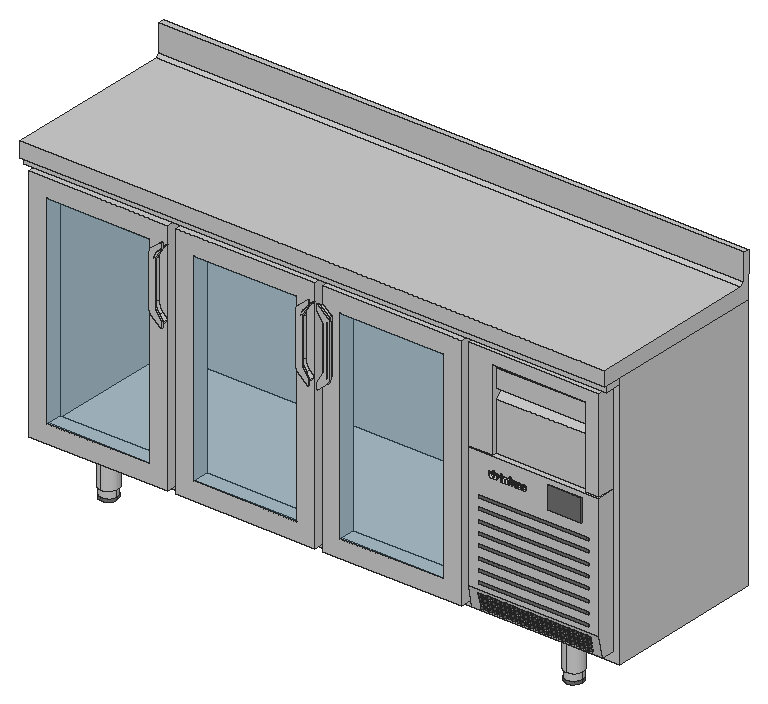
Revit family "QF_INFRICO_FMPP2000CR_250812104341", category Specialty Equipment, Revit 2021
Family settings
  Round Connector Dimension = Use Diameter
  Part Type = Normal
  OmniClass Number = 23.40.40.14
  OmniClass Title = Food Service Equipment
  Work Plane-Based = No
  Always vertical = Yes
  Cut with Voids When Loaded = No
  Shared = No
  Room Calculation Point = No
Parameters (values of type "FMPP2000CR-R290")
  Weight [instance] = 186.00 kg
  Waste Water Discharge Temperature [instance] = 0 °C
  Waste Remarks [instance] = ""
  Warranty Start Date [instance] = ""
  Warranty Duration [instance] = ""
  Volts [instance] = 230 V
  Volt Free Conn [instance] = no
  URL Recommended Spares List [instance] = ""
  URL Manufacturer [instance] = ""
  URL Cutsheet [instance] = ""
  URL Critical Spares List [instance] = ""
  URL = "www.infrico.com"
  Technical Documentation [instance] = ""
  Tag Number [instance] = ""
  Status [instance] = ""
  Start Up Current [instance] = 0 A
  Specification by User [instance] = ""
  Specification by Manufacturer [instance] = ""
  Sound Level [instance] = ""
  Show Logo [instance] = yes
  Show Clearances [instance] = yes
  Service Life Duration [instance] = ""
  Serial Number [instance] = ""
  Seismic Rating [instance] = ""
  SMACNA No [instance] = ""
  Revision Code [instance] = ""
  Revision [instance] = ""
  Production Year [instance] = ""
  Potential Equalisation [instance] = no
  Point Load [instance] = 0
  Plumbing Connection Type [instance] = ""
  Phase [instance] = 1
  Other Equipment Approvals [instance] = ""
  Operational Current [instance] = 0 A
  Number of Poles [instance] = 2
  No Load Power Draw [instance] = no
  NAFEM Spec ID Number [instance] = ""
  Model Warning [instance] = ""
  Model = "FMPP2000CR"
  Min Ckt Ampacity [instance] = 0 A
  Max Overcurrent Protection [instance] = 0 A
  Masterspec [instance] = ""
  Manufacturer = "INFRICO"
  Main switch integrated [instance] = no
  Length Actual [instance] = 1960.118 mm
  Item Number [instance] = ""
  Installed By [instance] = ""
  Installation Date [instance] = ""
  Indirect Waste Size [instance] = 19.05 mm
  Indirect Waste Remarks [instance] = ""
  Indirect Waste Flow [instance] = 0.0 L/s
  Indirect Waste Connection Type [instance] = ""
  Indirect Waste Connection Height [instance] = 0 mm
  Identify Quantity as Lot [instance] = no
  ID [instance] = ""
  Hygiene Approval [instance] = ""
  Height Actual [instance] = 1050.036 mm
  HP power [instance] = ""
  Furnished By [instance] = ""
  Foodservice Equipment Identifier [instance] = no
  FL Amps [instance] = 0 A
  Electrical Remarks [instance] = ""
  Electric power [instance] = 450 W
  Electric Connection Type [instance] = ""
  Elec Conn RI Height [instance] = 0 mm
  Elec Conn Connection Height [instance] = 0 mm
  ETL Approved [instance] = no
  Direct Waste Water Discharge Temperature [instance] = -273.15 °C
  Direct Waste Size [instance] = 19.05 mm
  Direct Waste RI Height [instance] = 0 mm
  Direct Waste Flow [instance] = 0.0 L/s
  Direct Waste Connection Height [instance] = 0 mm
  Description = "BACK BAR COUNTER REFRIGERATOR - R290"
  Depth Actual [instance] = 599.948 mm
  Default Elevation = 0 mm
  Cycle [instance] = 50 Hz
  Cost = 0
  Connection to energy optimisation system [instance] = yes
  Conn Plug [instance] = ""
  Conn Conduit [instance] = no
  Centralized building control system with digital interface [instance] = ""
  CSI MasterFormat [instance] = ""
  CE Approved [instance] = no
  Barcode [instance] = 0
  Author [instance] = ""
  Asset Identifier [instance] = ""
  Apparent Power [instance] = 450 VA
  Accessory [instance] = no
Reference planes
  plane 1 "Center (Front/Back)": y = 0
  plane 2: z = 0
  plane 3 "Center (Left/Right)": x = 0
Forms (mm)
  Extrusion 1, solid, not visible
    sketch origin (541.026, -113.006, 142.007) x (1, 0, 0) y (0, 1, 0)
      loop
        line (-2, 2) -> (-2, -2) -> (2, -2) -> (2, 2) -> (-2, 2)
    from -2 to 2
  Extrusion 2, solid, not visible
    sketch origin (1407.069, -63.003, 140.007) x (1, 0, 0) y (0, 1, 0)
      loop
        line (-2, 2) -> (-2, -2) -> (2, -2) -> (2, 2) -> (-2, 2)
    from -2 to 2
Dimensions and locks
  locked: nested 2 to Extrusion 1 at 2  (x2)
  locked: Extrusion 2 to nested 3
  locked: nested 3 to Extrusion 2 at 2
  aligned and locked: level to plane 2
Nested families
  nested 1: "QF_INFRICO_FMPP2000CR_2920" at (0, 0, 140), type "FMPP2000CR-R290"
    with Weight 186.00 kg, Warranty Start Date "", Warranty Duration "", URL Cutsheet "", Technical Documentation "", Tag Number "", Status "", Specification by User "", Specification by Manufacturer "", Sound Level "", Solid Fuel Type "", Show Logo yes, Show Clearances yes, Show Clearance yes, Service Life Duration "", Serial Number "", Seismic Rating "", SMACNA No "", Revision Code "", Revision "", Production Year "", Point Load 0, Other Equipment Approvals "", NAFEM Spec ID Number "", Model Warning "", Masterspec "", Length Actual 1960.118 mm, Item Number "", Installed By "", Installation Date "", Identify Quantity as Lot yes, ID "", Hygiene Approval "", Height Actual 1050.036 mm, Furnished By "", Foodservice Equipment Identifier yes, ETL Approved yes, Depth Actual 599.948 mm, CSI MasterFormat "", CE Approved no, Barcode "", Author "", Asset Identifier "", Accessory no
  nested 2: "CONN_POINT_DRAIN_2D___Generic_Annotation" at (541.026, -113.006, 140.007), type "CONN_POINT_DRAIN_2D___Generic_Annotation"
    with Onboard connection annotation symbol visibility yes
  nested 3: "CONN_POINT_ELE_2D___Generic_Annotation" at (1407.069, -61.003, 140.007), type "CONN_POINT_ELE_2D___Generic_Annotation"
    with Onboard connection annotation symbol visibility yes
  nested 4: "QF_INFRICO_FMPPCR_DOOR_SX_4880" at (22, -538, 168), type "FMPPCR_DOOR_SX"
    with Weight 0.00 kg, Warranty Start Date "", Warranty Duration "", URL Cutsheet "", Technical Documentation "", Tag Number "", Status "", Specification by User "", Specification by Manufacturer "", Sound Level "", Solid Fuel Type "", Show Logo yes, Show Clearances yes, Show Clearance yes, Service Life Duration "", Serial Number "", Seismic Rating "", SMACNA No "", Revision Code "", Revision "", Production Year "", Point Load 0, Other Equipment Approvals "", NAFEM Spec ID Number "", Model Warning "", Masterspec "", Length Actual 467.106 mm, Item Number "", Installed By "", Installation Date "", Identify Quantity as Lot yes, ID "", Hygiene Approval "", Height Actual 596.9 mm, Furnished By "", Foodservice Equipment Identifier yes, ETL Approved yes, Depth Actual 54.102 mm, CSI MasterFormat "", CE Approved no, Barcode "", Author "", Asset Identifier "", Accessory yes
  nested 5: "QF_INFRICO_FMPPCR_DOOR_SX_5692" at (514, -538, 168), type "FMPPCR_DOOR_SX"
    with Weight 0.00 kg, Warranty Start Date "", Warranty Duration "", URL Cutsheet "", Technical Documentation "", Tag Number "", Status "", Specification by User "", Specification by Manufacturer "", Sound Level "", Solid Fuel Type "", Show Logo yes, Show Clearances yes, Show Clearance yes, Service Life Duration "", Serial Number "", Seismic Rating "", SMACNA No "", Revision Code "", Revision "", Production Year "", Point Load 0, Other Equipment Approvals "", NAFEM Spec ID Number "", Model Warning "", Masterspec "", Length Actual 467.106 mm, Item Number "", Installed By "", Installation Date "", Identify Quantity as Lot yes, ID "", Hygiene Approval "", Height Actual 596.9 mm, Furnished By "", Foodservice Equipment Identifier yes, ETL Approved yes, Depth Actual 54.102 mm, CSI MasterFormat "", CE Approved no, Barcode "", Author "", Asset Identifier "", Accessory yes
  nested 6: "QF_INFRICO_FMPPCR_DOOR_DX_6500" at (1006, -538, 168), type "FMPPCR_DOOR_DX"
    with Weight 0.00 kg, Warranty Start Date "", Warranty Duration "", URL Cutsheet "", Technical Documentation "", Tag Number "", Status "", Specification by User "", Specification by Manufacturer "", Sound Level "", Solid Fuel Type "", Show Logo yes, Show Clearances yes, Show Clearance yes, Service Life Duration "", Serial Number "", Seismic Rating "", SMACNA No "", Revision Code "", Revision "", Production Year "", Point Load 0, Other Equipment Approvals "", NAFEM Spec ID Number "", Model Warning "", Masterspec "", Length Actual 467.106 mm, Item Number "", Installed By "", Installation Date "", Identify Quantity as Lot yes, ID "", Hygiene Approval "", Height Actual 596.9 mm, Furnished By "", Foodservice Equipment Identifier yes, ETL Approved yes, Depth Actual 54.102 mm, CSI MasterFormat "", CE Approved no, Barcode "", Author "", Asset Identifier "", Accessory yes
  nested 7: "QF_INFRICO_WORKTOP_BACKSPLASH_7308" at (0, 0, 1000), type "ENC12CPBM20"
    with Weight 0.00 kg, Warranty Start Date "", Warranty Duration "", URL Cutsheet "", Technical Documentation "", Tag Number "", Status "", Specification by User "", Specification by Manufacturer "", Sound Level "", Solid Fuel Type "", Show Logo yes, Show Clearances yes, Show Clearance yes, Service Life Duration "", Serial Number "", Seismic Rating "", SMACNA No "", Revision Code "", Revision "", Production Year "", Point Load 0, Other Equipment Approvals "", NAFEM Spec ID Number "", Model Warning "", Masterspec "", Length Actual 1960.118 mm, Item Number "", Installed By "", Installation Date "", Identify Quantity as Lot yes, ID "", Hygiene Approval "", Height Actual 150.114 mm, Furnished By "", Foodservice Equipment Identifier yes, ETL Approved yes, Depth Actual 599.948 mm, CSI MasterFormat "", CE Approved no, Barcode "", Author "", Asset Identifier "", Accessory yes
  nested 8: "QF_INFRICO_LEGS_8144" at (0, 0, 0), type "LEGS_1960_600"
    with Weight 0.00 kg, Warranty Start Date "", Warranty Duration "", URL Cutsheet "", Technical Documentation "", Tag Number "", Status "", Specification by User "", Specification by Manufacturer "", Sound Level "", Solid Fuel Type "", Show Logo yes, Show Clearances yes, Show Clearance yes, Service Life Duration "", Serial Number "", Seismic Rating "", SMACNA No "", Revision Code "", Revision "", Production Year "", Point Load 0, Other Equipment Approvals "", NAFEM Spec ID Number "", Model Warning "", Masterspec "", Length Actual 1960.118 mm, Item Number "", Installed By "", Installation Date "", Identify Quantity as Lot yes, ID "", Hygiene Approval "", Height Actual 139.954 mm, Furnished By "", Foodservice Equipment Identifier yes, ETL Approved yes, Depth Actual 599.948 mm, CSI MasterFormat "", CE Approved no, Barcode "", Author "", Asset Identifier "", Accessory yes
Connectors
  piping at (541.026, -113.006, 140.007), diameter 19.05, driven by "Indirect Waste Size", driven by "Direct Waste Flow"
    settings: on Extrusion 1, index 1, connector inside diameter 609.6 mm, connector length 0 mm, flow factor 0, pipe flow 0.0 L/s, pressure drop 0.0 Pa, fitting loss kfactor 0, connector angle 0.00°, fixture units 0, engagement length 0 mm, angle of deflection 0.00°, flow configuration 1, flow direction 2, fitting loss method 0, system type 16, joint type 0, gender type 0, connector reference index -1, connector utility 0, adjustable connector no, is connector primary yes, connector description "Waste connection for FMPP2000CR"
  electrical at (1407.069, -61.003, 140.007), driven by "Apparent Power", driven by "Number of Poles", driven by "Volts"
    settings: on Extrusion 2, index 2, voltage 230 V, apparent load 0 VA, apparent load phase1 450 VA, apparent load phase2 0 VA, apparent load phase3 0 VA, power factor 1, load classification "Other", number of poles 2, system type 31, power factor state 1, is connector primary yes, connector utility no, sub classification motor no, connector description "Electrical connection for FMPP2000CR"
Definition of nested family "QF_INFRICO_FMPP2000CR_2920"
  Parameters (values of type "FMPP2000CR-R290")
    Weight [instance] = 0.00 kg
    Warranty Start Date [instance] = ""
    Warranty Duration [instance] = ""
    URL Cutsheet [instance] = ""
    URL = "www.infrico.com"
    Technical Documentation [instance] = ""
    Tag Number [instance] = ""
    Status [instance] = ""
    Specification by User [instance] = ""
    Specification by Manufacturer [instance] = ""
    Sound Level [instance] = ""
    Solid Fuel Type [instance] = ""
    Show Logo [instance] = yes
    Show Clearances [instance] = yes
    Show Clearance [instance] = yes
    Service Life Duration [instance] = ""
    Serial Number [instance] = ""
    Seismic Rating [instance] = ""
    SMACNA No [instance] = ""
    Revision Code [instance] = ""
    Revision [instance] = ""
    Production Year [instance] = ""
    Point Load [instance] = 0
    Other Equipment Approvals [instance] = ""
    NAFEM Spec ID Number [instance] = ""
    Model Warning [instance] = ""
    Model = "FMPP2000CR"
    Masterspec [instance] = ""
    Manufacturer = "INFRICO"
    Length Actual [instance] = 0 mm
    Item Number [instance] = ""
    Installed By [instance] = ""
    Installation Date [instance] = ""
    Identify Quantity as Lot [instance] = yes
    ID [instance] = ""
    Hygiene Approval [instance] = ""
    Height Actual [instance] = 0 mm
    Furnished By [instance] = ""
    Foodservice Equipment Identifier [instance] = yes
    ETL Approved [instance] = yes
    Description = "BACK BAR COUNTER REFRIGERATOR - R290"
    Depth Actual [instance] = 0 mm
    Default Elevation = 0 mm
    CSI MasterFormat [instance] = ""
    CE Approved [instance] = yes
    Barcode [instance] = ""
    Author [instance] = ""
    Asset Identifier [instance] = ""
    Assembly Code = "E1090320"
    Accessory [instance] = yes
  Types (2, lengths in mm): name | Description
    FMPP2000CR | "BACK BAR COUNTER REFRIGERATOR - R134A"
    FMPP2000CR-R290 | "BACK BAR COUNTER REFRIGERATOR - R290"
  Reference planes
    plane 1 "Back": y = 0
    plane 2: z = 0
    plane 3 "Left": x = 0
    plane 4 "Right": x = 1960
    plane 5 "Front": y = -600
    plane 6 "Top": z = 860
  Forms (mm)
    Extrusion 1, solid
      sketch origin (492, 100, -140) x (0, 1, 0) y (0, 0, 1)
        loop
          line (-638.02, 654.885) -> (-695.03, 654.885) -> (-695.03, 238.436) -> (-678.769, 168) -> (-638.02, 168) -> (-638.02, 654.885)
      from 1005.93 to 1443.93
    Extrusion 2, solid
      sketch origin (-1508, -593.13, -140) x (1, 0, 0) y (0, 0, 1)
        loop
          line (3408.016, 523.949) -> (3040.73, 523.949) -> (3040.73, 514.949) -> (3408.016, 514.949) -> (3408.016, 523.949)
        loop
          line (3408.016, 486.949) -> (3040.73, 486.949) -> (3040.73, 477.949) -> (3408.016, 477.949) -> (3408.016, 486.949)
        loop
          line (3408.016, 449.949) -> (3040.73, 449.949) -> (3040.73, 440.949) -> (3408.016, 440.949) -> (3408.016, 449.949)
        loop
          line (3408.016, 412.949) -> (3040.73, 412.949) -> (3040.73, 403.949) -> (3408.016, 403.949) -> (3408.016, 412.949)
        loop
          line (3408.016, 375.949) -> (3040.73, 375.949) -> (3040.73, 366.949) -> (3408.016, 366.949) -> (3408.016, 375.949)
        loop
          line (3408.016, 338.949) -> (3040.73, 338.949) -> (3040.73, 329.949) -> (3408.016, 329.949) -> (3408.016, 338.949)
        loop
          line (3408.016, 301.949) -> (3040.73, 301.949) -> (3040.73, 292.949) -> (3408.016, 292.949) -> (3408.016, 301.949)
        loop
          line (3408.016, 264.949) -> (3040.73, 264.949) -> (3040.73, 255.949) -> (3408.016, 255.949) -> (3408.016, 264.949)
      from 0 to 2
    Extrusion 3, solid
      sketch origin (-1507.3, -539.263, -135.602) x (1, 0, 0) y (0, -0.224951, 0.97437)
        loop
          line (3036.73, 215.974) -> (3036.73, 205.974) -> (3046.73, 205.974) -> (3046.73, 215.974) -> (3036.73, 215.974)
        loop
          line (3036.73, 230.769) -> (3036.73, 220.769) -> (3046.73, 220.769) -> (3046.73, 230.769) -> (3036.73, 230.769)
        loop
          line (3036.73, 186.385) -> (3036.73, 176.385) -> (3046.73, 176.385) -> (3046.73, 186.385) -> (3036.73, 186.385)
        loop
          line (3036.73, 201.179) -> (3036.73, 191.179) -> (3046.73, 191.179) -> (3046.73, 201.179) -> (3036.73, 201.179)
        loop
          line (3051.938, 215.974) -> (3051.938, 205.974) -> (3061.938, 205.974) -> (3061.938, 215.974) -> (3051.938, 215.974)
        loop
          line (3051.938, 230.769) -> (3051.938, 220.769) -> (3061.938, 220.769) -> (3061.938, 230.769) -> (3051.938, 230.769)
        loop
          line (3051.938, 186.385) -> (3051.938, 176.385) -> (3061.938, 176.385) -> (3061.938, 186.385) -> (3051.938, 186.385)
        loop
          line (3051.938, 201.179) -> (3051.938, 191.179) -> (3061.938, 191.179) -> (3061.938, 201.179) -> (3051.938, 201.179)
        loop
          line (3067.147, 215.974) -> (3067.147, 205.974) -> (3077.147, 205.974) -> (3077.147, 215.974) -> (3067.147, 215.974)
        loop
          line (3067.147, 230.769) -> (3067.147, 220.769) -> (3077.147, 220.769) -> (3077.147, 230.769) -> (3067.147, 230.769)
        loop
          line (3067.147, 186.385) -> (3067.147, 176.385) -> (3077.147, 176.385) -> (3077.147, 186.385) -> (3067.147, 186.385)
        loop
          line (3067.147, 201.179) -> (3067.147, 191.179) -> (3077.147, 191.179) -> (3077.147, 201.179) -> (3067.147, 201.179)
        loop
          line (3082.355, 215.974) -> (3082.355, 205.974) -> (3092.355, 205.974) -> (3092.355, 215.974) -> (3082.355, 215.974)
        loop
          line (3082.355, 230.769) -> (3082.355, 220.769) -> (3092.355, 220.769) -> (3092.355, 230.769) -> (3082.355, 230.769)
        loop
          line (3082.355, 186.385) -> (3082.355, 176.385) -> (3092.355, 176.385) -> (3092.355, 186.385) -> (3082.355, 186.385)
        loop
          line (3082.355, 201.179) -> (3082.355, 191.179) -> (3092.355, 191.179) -> (3092.355, 201.179) -> (3082.355, 201.179)
        loop
          line (3097.563, 215.974) -> (3097.563, 205.974) -> (3107.563, 205.974) -> (3107.563, 215.974) -> (3097.563, 215.974)
        loop
          line (3097.563, 230.769) -> (3097.563, 220.769) -> (3107.563, 220.769) -> (3107.563, 230.769) -> (3097.563, 230.769)
        loop
          line (3097.563, 186.385) -> (3097.563, 176.385) -> (3107.563, 176.385) -> (3107.563, 186.385) -> (3097.563, 186.385)
        loop
          line (3097.563, 201.179) -> (3097.563, 191.179) -> (3107.563, 191.179) -> (3107.563, 201.179) -> (3097.563, 201.179)
        loop
          line (3112.772, 215.974) -> (3112.772, 205.974) -> (3122.772, 205.974) -> (3122.772, 215.974) -> (3112.772, 215.974)
        loop
          line (3112.772, 230.769) -> (3112.772, 220.769) -> (3122.772, 220.769) -> (3122.772, 230.769) -> (3112.772, 230.769)
        loop
          line (3112.772, 186.385) -> (3112.772, 176.385) -> (3122.772, 176.385) -> (3122.772, 186.385) -> (3112.772, 186.385)
        loop
          line (3112.772, 201.179) -> (3112.772, 191.179) -> (3122.772, 191.179) -> (3122.772, 201.179) -> (3112.772, 201.179)
        loop
          line (3127.98, 215.974) -> (3127.98, 205.974) -> (3137.98, 205.974) -> (3137.98, 215.974) -> (3127.98, 215.974)
        loop
          line (3127.98, 230.769) -> (3127.98, 220.769) -> (3137.98, 220.769) -> (3137.98, 230.769) -> (3127.98, 230.769)
        loop
          line (3127.98, 186.385) -> (3127.98, 176.385) -> (3137.98, 176.385) -> (3137.98, 186.385) -> (3127.98, 186.385)
        loop
          line (3127.98, 201.179) -> (3127.98, 191.179) -> (3137.98, 191.179) -> (3137.98, 201.179) -> (3127.98, 201.179)
        loop
          line (3143.188, 215.974) -> (3143.188, 205.974) -> (3153.188, 205.974) -> (3153.188, 215.974) -> (3143.188, 215.974)
        loop
          line (3143.188, 230.769) -> (3143.188, 220.769) -> (3153.188, 220.769) -> (3153.188, 230.769) -> (3143.188, 230.769)
        loop
          line (3143.188, 186.385) -> (3143.188, 176.385) -> (3153.188, 176.385) -> (3153.188, 186.385) -> (3143.188, 186.385)
        loop
          line (3143.188, 201.179) -> (3143.188, 191.179) -> (3153.188, 191.179) -> (3153.188, 201.179) -> (3143.188, 201.179)
        loop
          line (3158.397, 215.974) -> (3158.397, 205.974) -> (3168.397, 205.974) -> (3168.397, 215.974) -> (3158.397, 215.974)
        loop
          line (3158.397, 230.769) -> (3158.397, 220.769) -> (3168.397, 220.769) -> (3168.397, 230.769) -> (3158.397, 230.769)
        loop
          line (3158.397, 186.385) -> (3158.397, 176.385) -> (3168.397, 176.385) -> (3168.397, 186.385) -> (3158.397, 186.385)
        loop
          line (3158.397, 201.179) -> (3158.397, 191.179) -> (3168.397, 191.179) -> (3168.397, 201.179) -> (3158.397, 201.179)
        loop
          line (3173.605, 215.974) -> (3173.605, 205.974) -> (3183.605, 205.974) -> (3183.605, 215.974) -> (3173.605, 215.974)
        loop
          line (3173.605, 230.769) -> (3173.605, 220.769) -> (3183.605, 220.769) -> (3183.605, 230.769) -> (3173.605, 230.769)
        loop
          line (3173.605, 186.385) -> (3173.605, 176.385) -> (3183.605, 176.385) -> (3183.605, 186.385) -> (3173.605, 186.385)
        loop
          line (3173.605, 201.179) -> (3173.605, 191.179) -> (3183.605, 191.179) -> (3183.605, 201.179) -> (3173.605, 201.179)
        loop
          line (3188.813, 215.974) -> (3188.813, 205.974) -> (3198.813, 205.974) -> (3198.813, 215.974) -> (3188.813, 215.974)
        loop
          line (3188.813, 230.769) -> (3188.813, 220.769) -> (3198.813, 220.769) -> (3198.813, 230.769) -> (3188.813, 230.769)
        loop
          line (3188.813, 186.385) -> (3188.813, 176.385) -> (3198.813, 176.385) -> (3198.813, 186.385) -> (3188.813, 186.385)
        loop
          line (3188.813, 201.179) -> (3188.813, 191.179) -> (3198.813, 191.179) -> (3198.813, 201.179) -> (3188.813, 201.179)
        loop
          line (3204.022, 215.974) -> (3204.022, 205.974) -> (3214.022, 205.974) -> (3214.022, 215.974) -> (3204.022, 215.974)
        loop
          line (3204.022, 230.769) -> (3204.022, 220.769) -> (3214.022, 220.769) -> (3214.022, 230.769) -> (3204.022, 230.769)
        loop
          line (3204.022, 186.385) -> (3204.022, 176.385) -> (3214.022, 176.385) -> (3214.022, 186.385) -> (3204.022, 186.385)
        loop
          line (3204.022, 201.179) -> (3204.022, 191.179) -> (3214.022, 191.179) -> (3214.022, 201.179) -> (3204.022, 201.179)
        loop
          line (3219.23, 215.974) -> (3219.23, 205.974) -> (3229.23, 205.974) -> (3229.23, 215.974) -> (3219.23, 215.974)
        loop
          line (3219.23, 230.769) -> (3219.23, 220.769) -> (3229.23, 220.769) -> (3229.23, 230.769) -> (3219.23, 230.769)
        loop
          line (3219.23, 186.385) -> (3219.23, 176.385) -> (3229.23, 176.385) -> (3229.23, 186.385) -> (3219.23, 186.385)
        loop
          line (3219.23, 201.179) -> (3219.23, 191.179) -> (3229.23, 191.179) -> (3229.23, 201.179) -> (3219.23, 201.179)
        loop
          line (3234.438, 215.974) -> (3234.438, 205.974) -> (3244.438, 205.974) -> (3244.438, 215.974) -> (3234.438, 215.974)
        loop
          line (3234.438, 230.769) -> (3234.438, 220.769) -> (3244.438, 220.769) -> (3244.438, 230.769) -> (3234.438, 230.769)
        loop
          line (3234.438, 186.385) -> (3234.438, 176.385) -> (3244.438, 176.385) -> (3244.438, 186.385) -> (3234.438, 186.385)
        loop
          line (3234.438, 201.179) -> (3234.438, 191.179) -> (3244.438, 191.179) -> (3244.438, 201.179) -> (3234.438, 201.179)
        loop
          line (3249.647, 215.974) -> (3249.647, 205.974) -> (3259.647, 205.974) -> (3259.647, 215.974) -> (3249.647, 215.974)
        loop
          line (3249.647, 230.769) -> (3249.647, 220.769) -> (3259.647, 220.769) -> (3259.647, 230.769) -> (3249.647, 230.769)
        loop
          line (3249.647, 186.385) -> (3249.647, 176.385) -> (3259.647, 176.385) -> (3259.647, 186.385) -> (3249.647, 186.385)
        loop
          line (3249.647, 201.179) -> (3249.647, 191.179) -> (3259.647, 191.179) -> (3259.647, 201.179) -> (3249.647, 201.179)
        loop
          line (3264.855, 215.974) -> (3264.855, 205.974) -> (3274.855, 205.974) -> (3274.855, 215.974) -> (3264.855, 215.974)
        loop
          line (3264.855, 230.769) -> (3264.855, 220.769) -> (3274.855, 220.769) -> (3274.855, 230.769) -> (3264.855, 230.769)
        loop
          line (3264.855, 186.385) -> (3264.855, 176.385) -> (3274.855, 176.385) -> (3274.855, 186.385) -> (3264.855, 186.385)
        loop
          line (3264.855, 201.179) -> (3264.855, 191.179) -> (3274.855, 191.179) -> (3274.855, 201.179) -> (3264.855, 201.179)
        loop
          line (3280.063, 215.974) -> (3280.063, 205.974) -> (3290.063, 205.974) -> (3290.063, 215.974) -> (3280.063, 215.974)
        loop
          line (3280.063, 230.769) -> (3280.063, 220.769) -> (3290.063, 220.769) -> (3290.063, 230.769) -> (3280.063, 230.769)
        loop
          line (3280.063, 186.385) -> (3280.063, 176.385) -> (3290.063, 176.385) -> (3290.063, 186.385) -> (3280.063, 186.385)
        loop
          line (3280.063, 201.179) -> (3280.063, 191.179) -> (3290.063, 191.179) -> (3290.063, 201.179) -> (3280.063, 201.179)
        loop
          line (3295.272, 215.974) -> (3295.272, 205.974) -> (3305.272, 205.974) -> (3305.272, 215.974) -> (3295.272, 215.974)
        loop
          line (3295.272, 230.769) -> (3295.272, 220.769) -> (3305.272, 220.769) -> (3305.272, 230.769) -> (3295.272, 230.769)
        loop
          line (3295.272, 186.385) -> (3295.272, 176.385) -> (3305.272, 176.385) -> (3305.272, 186.385) -> (3295.272, 186.385)
        loop
          line (3295.272, 201.179) -> (3295.272, 191.179) -> (3305.272, 191.179) -> (3305.272, 201.179) -> (3295.272, 201.179)
        loop
          line (3310.48, 215.974) -> (3310.48, 205.974) -> (3320.48, 205.974) -> (3320.48, 215.974) -> (3310.48, 215.974)
        loop
          line (3310.48, 230.769) -> (3310.48, 220.769) -> (3320.48, 220.769) -> (3320.48, 230.769) -> (3310.48, 230.769)
        loop
          line (3310.48, 186.385) -> (3310.48, 176.385) -> (3320.48, 176.385) -> (3320.48, 186.385) -> (3310.48, 186.385)
        loop
          line (3310.48, 201.179) -> (3310.48, 191.179) -> (3320.48, 191.179) -> (3320.48, 201.179) -> (3310.48, 201.179)
        loop
          line (3325.688, 215.974) -> (3325.688, 205.974) -> (3335.688, 205.974) -> (3335.688, 215.974) -> (3325.688, 215.974)
        loop
          line (3325.688, 230.769) -> (3325.688, 220.769) -> (3335.688, 220.769) -> (3335.688, 230.769) -> (3325.688, 230.769)
        loop
          line (3325.688, 186.385) -> (3325.688, 176.385) -> (3335.688, 176.385) -> (3335.688, 186.385) -> (3325.688, 186.385)
        loop
          line (3325.688, 201.179) -> (3325.688, 191.179) -> (3335.688, 191.179) -> (3335.688, 201.179) -> (3325.688, 201.179)
        loop
          line (3340.897, 215.974) -> (3340.897, 205.974) -> (3350.897, 205.974) -> (3350.897, 215.974) -> (3340.897, 215.974)
        loop
          line (3340.897, 230.769) -> (3340.897, 220.769) -> (3350.897, 220.769) -> (3350.897, 230.769) -> (3340.897, 230.769)
        loop
          line (3340.897, 186.385) -> (3340.897, 176.385) -> (3350.897, 176.385) -> (3350.897, 186.385) -> (3340.897, 186.385)
        loop
          line (3340.897, 201.179) -> (3340.897, 191.179) -> (3350.897, 191.179) -> (3350.897, 201.179) -> (3340.897, 201.179)
        loop
          line (3356.105, 215.974) -> (3356.105, 205.974) -> (3366.105, 205.974) -> (3366.105, 215.974) -> (3356.105, 215.974)
        loop
          line (3356.105, 230.769) -> (3356.105, 220.769) -> (3366.105, 220.769) -> (3366.105, 230.769) -> (3356.105, 230.769)
        loop
          line (3356.105, 186.385) -> (3356.105, 176.385) -> (3366.105, 176.385) -> (3366.105, 186.385) -> (3356.105, 186.385)
        loop
          line (3356.105, 201.179) -> (3356.105, 191.179) -> (3366.105, 191.179) -> (3366.105, 201.179) -> (3356.105, 201.179)
        loop
          line (3371.313, 215.974) -> (3371.313, 205.974) -> (3381.313, 205.974) -> (3381.313, 215.974) -> (3371.313, 215.974)
        loop
          line (3371.313, 230.769) -> (3371.313, 220.769) -> (3381.313, 220.769) -> (3381.313, 230.769) -> (3371.313, 230.769)
        loop
          line (3371.313, 186.385) -> (3371.313, 176.385) -> (3381.313, 176.385) -> (3381.313, 186.385) -> (3371.313, 186.385)
        loop
          line (3371.313, 201.179) -> (3371.313, 191.179) -> (3381.313, 191.179) -> (3381.313, 201.179) -> (3371.313, 201.179)
        loop
          line (3386.522, 215.974) -> (3386.522, 205.974) -> (3396.522, 205.974) -> (3396.522, 215.974) -> (3386.522, 215.974)
        loop
          line (3386.522, 230.769) -> (3386.522, 220.769) -> (3396.522, 220.769) -> (3396.522, 230.769) -> (3386.522, 230.769)
        loop
          line (3386.522, 186.385) -> (3386.522, 176.385) -> (3396.522, 176.385) -> (3396.522, 186.385) -> (3386.522, 186.385)
        loop
          line (3386.522, 201.179) -> (3386.522, 191.179) -> (3396.522, 191.179) -> (3396.522, 201.179) -> (3386.522, 201.179)
        loop
          line (3401.73, 215.974) -> (3401.73, 205.974) -> (3411.73, 205.974) -> (3411.73, 215.974) -> (3401.73, 215.974)
        loop
          line (3401.73, 230.769) -> (3401.73, 220.769) -> (3411.73, 220.769) -> (3411.73, 230.769) -> (3401.73, 230.769)
        loop
          line (3401.73, 186.385) -> (3401.73, 176.385) -> (3411.73, 176.385) -> (3411.73, 186.385) -> (3401.73, 186.385)
        loop
          line (3401.73, 201.179) -> (3401.73, 191.179) -> (3411.73, 191.179) -> (3411.73, 201.179) -> (3401.73, 201.179)
      from 0 to 2
    Extrusion 4, solid, visible <- "Show Logo"
      sketch origin (402.665, -593.13, -246.187) x (1, 0, 0) y (0, 0, 1)
        loop
          line (1208.799, 696.53) -> (1208.799, 719.204) -> (1204.173, 719.204) -> (1204.173, 696.53) -> (1208.799, 696.53)
        loop
          line (1214.779, 713.006) -> (1211.283, 713.006) -> (1211.283, 696.53) -> (1215.772, 696.53) -> (1215.772, 707.832)
          arc (1215.772, 707.832) -> (1217.528, 708.741) -> (1219.417, 709.324) r 11.052
          arc (1219.417, 709.324) -> (1220.929, 708.961) -> (1221.598, 707.557) r 1.806
          line (1221.598, 707.557) -> (1221.598, 696.53) -> (1226.121, 696.53) -> (1226.121, 708.689)
          arc (1226.121, 708.689) -> (1224.637, 712.075) -> (1221.141, 713.281) r 4.607
          arc (1221.141, 713.281) -> (1218.282, 712.674) -> (1215.669, 711.361) r 11.435
          line (1215.669, 711.361) -> (1215.601, 712.184)
          arc (1215.601, 712.184) -> (1215.36, 712.765) -> (1214.779, 713.006) r 0.822
        loop
          line (1238.557, 720.102) -> (1237.306, 720.102)
          arc (1237.306, 720.102) -> (1235.052, 719.926) -> (1232.881, 719.297) r 11.103
          arc (1232.881, 719.297) -> (1230.805, 717.616) -> (1230.024, 715.062) r 4.567
          line (1230.024, 715.062) -> (1230.024, 712.909) -> (1227.351, 712.703) -> (1227.351, 709.374) -> (1230.024, 709.374) -> (1230.024, 696.53) -> (1234.547, 696.53) -> (1234.547, 709.374) -> (1238.249, 709.374) -> (1238.249, 712.938) -> (1234.547, 712.938) -> (1234.547, 714.548)
          arc (1234.547, 714.548) -> (1234.956, 715.705) -> (1236.045, 716.271) r 1.67
          line (1236.045, 716.271) -> (1237.7, 716.399)
          arc (1237.7, 716.399) -> (1238.306, 716.65) -> (1238.557, 717.255) r 0.857
          line (1238.557, 717.255) -> (1238.557, 720.102)
        loop
          line (1239.479, 713.006) -> (1239.479, 696.53) -> (1243.968, 696.53) -> (1243.968, 707.352)
          arc (1243.968, 707.352) -> (1245.873, 708.631) -> (1248.077, 709.268) r 7.435
          line (1248.077, 709.268) -> (1249.241, 709.416)
          arc (1249.241, 709.416) -> (1249.643, 709.758) -> (1249.793, 710.265) r 0.928
          line (1249.793, 710.265) -> (1249.793, 712.458)
          arc (1249.793, 712.458) -> (1249.531, 713.061) -> (1248.912, 713.28) r 0.824
          arc (1248.912, 713.28) -> (1246.197, 712.588) -> (1243.899, 710.984) r 7.833
          line (1243.899, 710.984) -> (1243.726, 713.006) -> (1239.479, 713.006)
        loop
          line (1255.495, 696.53) -> (1255.495, 713.006) -> (1251.006, 713.006) -> (1251.006, 696.53) -> (1255.495, 696.53)
        loop
          arc (1257.421, 701.327) -> (1258.567, 698.188) -> (1261.466, 696.525) r 4.873
          arc (1261.466, 696.525) -> (1264.493, 696.266) -> (1267.521, 696.525) r 17.816
          arc (1267.521, 696.525) -> (1270.575, 699.134) -> (1271.505, 703.041) r 6.481
          line (1271.505, 703.041) -> (1267.187, 703.041) -> (1267.187, 701.67)
          arc (1267.187, 701.67) -> (1266.64, 700.452) -> (1265.442, 699.865) r 1.965
          arc (1265.442, 699.865) -> (1264.547, 699.816) -> (1263.653, 699.865) r 8.196
          arc (1263.653, 699.865) -> (1262.417, 700.415) -> (1261.91, 701.67) r 1.806
          line (1261.91, 701.67) -> (1261.91, 707.9)
          arc (1261.91, 707.9) -> (1262.417, 709.155) -> (1263.653, 709.705) r 1.806
          arc (1263.653, 709.705) -> (1264.547, 709.754) -> (1265.442, 709.705) r 8.196
          arc (1265.442, 709.705) -> (1266.64, 709.118) -> (1267.187, 707.9) r 1.965
          line (1267.187, 707.9) -> (1267.187, 706.838) -> (1271.505, 706.838)
          arc (1271.505, 706.838) -> (1270.524, 710.556) -> (1267.521, 712.959) r 6.132
          arc (1267.521, 712.959) -> (1264.493, 713.294) -> (1261.466, 712.959) r 13.851
          arc (1261.466, 712.959) -> (1258.571, 711.349) -> (1257.421, 708.243) r 4.772
          line (1257.421, 708.243) -> (1257.421, 701.327)
        loop
          arc (1272.916, 701.329) -> (1273.993, 698.345) -> (1276.726, 696.734) r 4.676
          arc (1276.726, 696.734) -> (1278.515, 696.455) -> (1280.318, 696.291) r 28.371
          arc (1280.318, 696.291) -> (1282.122, 696.455) -> (1283.911, 696.734) r 28.371
          arc (1283.911, 696.734) -> (1286.644, 698.345) -> (1287.72, 701.329) r 4.676
          line (1287.72, 701.329) -> (1287.72, 708.242)
          arc (1287.72, 708.242) -> (1286.644, 711.226) -> (1283.911, 712.837) r 4.676
          arc (1283.911, 712.837) -> (1282.122, 713.116) -> (1280.318, 713.28) r 28.371
          arc (1280.318, 713.28) -> (1278.515, 713.116) -> (1276.726, 712.837) r 28.371
          arc (1276.726, 712.837) -> (1273.993, 711.226) -> (1272.916, 708.242) r 4.676
          line (1272.916, 708.242) -> (1272.916, 701.329)
        loop
          line (1277.405, 707.866) -> (1277.405, 701.705)
          arc (1277.405, 701.705) -> (1277.844, 700.556) -> (1278.936, 699.991) r 1.725
          arc (1278.936, 699.991) -> (1279.627, 699.918) -> (1280.318, 699.856) r 46.133
          arc (1280.318, 699.856) -> (1281.01, 699.918) -> (1281.701, 699.991) r 46.133
          arc (1281.701, 699.991) -> (1282.793, 700.556) -> (1283.231, 701.705) r 1.725
          line (1283.231, 701.705) -> (1283.231, 707.866)
          arc (1283.231, 707.866) -> (1282.793, 709.015) -> (1281.701, 709.58) r 1.725
          arc (1281.701, 709.58) -> (1281.01, 709.653) -> (1280.318, 709.716) r 46.133
          arc (1280.318, 709.716) -> (1279.627, 709.653) -> (1278.936, 709.58) r 46.133
          arc (1278.936, 709.58) -> (1277.844, 709.015) -> (1277.405, 707.866) r 1.725
        loop
          arc (1190.339, 696.543) -> (1191.411, 696.987) -> (1191.856, 698.059) r 1.516
          line (1191.856, 698.059) -> (1191.856, 703.891) -> (1196.035, 703.891)
          arc (1196.035, 703.891) -> (1196.79, 704.121) -> (1197.218, 704.782) r 1.147
          line (1197.218, 704.782) -> (1197.218, 706.211)
          arc (1197.218, 706.211) -> (1196.787, 707.258) -> (1195.719, 707.634) r 1.385
          line (1195.719, 707.634) -> (1194.52, 707.634) -> (1197.218, 710.332)
          arc (1197.218, 710.332) -> (1197.605, 711.266) -> (1197.218, 712.2) r 1.321
          line (1197.218, 712.2) -> (1196.495, 712.923)
          arc (1196.495, 712.923) -> (1195.54, 713.338) -> (1194.558, 712.991) r 1.422
          line (1194.558, 712.991) -> (1191.853, 710.286) -> (1191.853, 711.479)
          arc (1191.853, 711.479) -> (1191.443, 712.516) -> (1190.435, 712.992) r 1.516
          line (1190.435, 712.992) -> (1189.514, 712.992)
          arc (1189.514, 712.992) -> (1188.511, 712.514) -> (1188.103, 711.479) r 1.516
          line (1188.103, 711.479) -> (1188.103, 706.83) -> (1182.073, 701.336) -> (1182.073, 707.509) -> (1185.639, 711.075)
          arc (1185.639, 711.075) -> (1186.053, 712.073) -> (1185.639, 713.071) r 1.412
          line (1185.639, 713.071) -> (1184.987, 713.723)
          arc (1184.987, 713.723) -> (1183.939, 714.141) -> (1182.915, 713.667) r 1.428
          line (1182.915, 713.667) -> (1182.073, 712.825) -> (1182.073, 717.784)
          arc (1182.073, 717.784) -> (1181.658, 718.787) -> (1180.655, 719.203) r 1.418
          line (1180.655, 719.203) -> (1179.726, 719.203)
          arc (1179.726, 719.203) -> (1178.723, 718.787) -> (1178.308, 717.784) r 1.418
          line (1178.308, 717.784) -> (1178.308, 712.825) -> (1177.466, 713.667)
          arc (1177.466, 713.667) -> (1176.442, 714.141) -> (1175.394, 713.723) r 1.428
          line (1175.394, 713.723) -> (1174.742, 713.071)
          arc (1174.742, 713.071) -> (1174.328, 712.073) -> (1174.742, 711.075) r 1.412
          line (1174.742, 711.075) -> (1178.308, 707.509) -> (1178.308, 701.336) -> (1172.278, 706.83) -> (1172.278, 711.479)
          arc (1172.278, 711.479) -> (1171.87, 712.514) -> (1170.867, 712.992) r 1.516
          line (1170.867, 712.992) -> (1169.946, 712.992)
          arc (1169.946, 712.992) -> (1168.938, 712.516) -> (1168.528, 711.479) r 1.516
          line (1168.528, 711.479) -> (1168.528, 710.286) -> (1165.823, 712.991)
          arc (1165.823, 712.991) -> (1164.841, 713.338) -> (1163.886, 712.923) r 1.422
          line (1163.886, 712.923) -> (1163.163, 712.2)
          arc (1163.163, 712.2) -> (1162.776, 711.266) -> (1163.163, 710.332) r 1.321
          line (1163.163, 710.332) -> (1165.861, 707.634) -> (1164.662, 707.634)
          arc (1164.662, 707.634) -> (1163.594, 707.258) -> (1163.163, 706.211) r 1.385
          line (1163.163, 706.211) -> (1163.163, 704.782)
          arc (1163.163, 704.782) -> (1163.591, 704.121) -> (1164.346, 703.891) r 1.147
          line (1164.346, 703.891) -> (1168.525, 703.891) -> (1168.525, 698.059)
          arc (1168.525, 698.059) -> (1168.969, 696.987) -> (1170.042, 696.543) r 1.516
          line (1170.042, 696.543) -> (1190.339, 696.543)
      from 0 to 2
    Extrusion 5, solid
      sketch origin (597.578, 100, -156.025) x (1, 0, 0) y (0, 0, 1)
        loop
          line (1169.616, 654.3) -> (1169.616, 577.9) -> (1281.216, 577.9) -> (1281.216, 654.3) -> (1169.616, 654.3)
      from 695.03 to 698.23
    Extrusion 6, solid
      sketch origin (866.5, 58.5, 0) x (1, 0, 0) y (0, 1, 0)
        loop
          circle (1032.5, -119.5) r 12.7
      from -5 to 0
    Extrusion 7, solid
      sketch origin (0, 0, 0) x (1, 0, 0) y (0, 1, 0)
        loop
          circle (788, -113) r 9.525
      from -5 to 0
    Extrusion 8, solid
      sketch origin (0, 0, 0) x (1, 0, 0) y (0, 1, 0)
        loop
          line (0, -538.02) -> (1960, -538.02) -> (1960, 0) -> (0, 0) -> (0, -538.02)
        loop
          line (60, -60) -> (60, -478.02) -> (1900, -478.02) -> (1900, -60) -> (60, -60)
      from 0 to 860
    Extrusion 9, solid
      sketch origin (0, 0, 0) x (1, 0, 0) y (0, 0, 1)
        loop
          line (60, 0) -> (1900, 0) -> (1900, 60) -> (60, 60) -> (60, 0)
      from 60 to 478.02
    Extrusion 10, void
      sketch origin (0, 0, 0) x (1, 0, 0) y (0, 0, 1)
        loop
          line (60, 800) -> (60, 60) -> (1412, 60) -> (1412, 800) -> (60, 800)
      from 60 to 538.02
    Extrusion 11, solid
      sketch origin (0, 100, 200) x (1, 0, 0) y (0, 1, 0)
        loop
          line (454, -638.02) -> (549, -638.02) -> (549, -628.02) -> (454, -628.02) -> (454, -638.02)
      from -140 to 600
    Extrusion 12, solid
      sketch origin (136.16, 0, 0) x (1, 0, 0) y (0, 0, 1)
        loop
          line (1361.77, 830.367) -> (1361.77, 520.347) -> (1443.93, 520.347) -> (1443.93, 790.767) -> (1756.37, 790.767) -> (1756.37, 520.347) -> (1799.77, 520.347) -> (1799.77, 830.367) -> (1361.77, 830.367)
      from 538.02 to 595.03
    Extrusion 13, solid
      sketch origin (492, -1000, 0) x (1, 0, 0) y (0, 0, 1)
        loop
          line (1464.98, 837.357) -> (1464.98, 860) -> (-489.04, 860) -> (-489.04, 837.357) -> (1464.98, 837.357)
      from -461.98 to -409.56
    Extrusion 14, solid
      sketch origin (1426.53, -528.23, 652.595) x (0, 1, 0) y (0, 0, 1)
        loop
          line (-9.79, -132.247) -> (-9.79, 128.747) -> (-20.79, 128.747) -> (-20.79, 121.434) -> (-39.216, 116.496) -> (-46.258, 128.693) -> (-54.021, 124.211) -> (-54.021, 64.021) -> (-40.08, 96.864) -> (-38.742, 97.46) -> (-28.844, 97.805) -> (-27.112, 96.899) -> (-23.93, 85.422) -> (-23.93, 62.47) -> (-54, 32.4) -> (-54, -132.247) -> (-9.79, -132.247)
      from 153.56 to 466
    Extrusion 15, solid
      sketch origin (492, 100, 200) x (1, 0, 0) y (0, 1, 0)
        loop
          line (454, -638.02) -> (549, -638.02) -> (549, -628.02) -> (454, -628.02) -> (454, -638.02)
      from -140 to 600
  Cuts and joins
    Extrusion 10 cuts Extrusion 8
    Extrusion 10 cuts Extrusion 9
    joined: Extrusion 8, Extrusion 9, Extrusion 13
  Lines and regions (mm)
    symbolic lines, visible <- "Show Clearance"
      curve 1: line (1960, 0, 0) -> (0, 0, 0)
      curve 2: line (0, 0, 0) -> (0, -600, 0)
      curve 3: line (0, -600, 0) -> (1960, -600, 0)
      curve 4: line (1960, -600, 0) -> (1960, 0, 0)
  Dimensions and locks
    plane 4 "Right" to plane 3 "Left" = 1960 mm
    plane 6 "Top" to level = 860 mm
    plane 1 "Back" to plane 5 "Front" = 600 mm  (x2)
    plane 3 "Left" to plane 4 "Right" = 1960 mm
    aligned and locked: level to plane 2
  Connectors
    electrical at (1899, -61, -5)
      settings: on Extrusion 6, index 1, voltage 0 V, apparent load 0 VA, apparent load phase1 0 VA, apparent load phase2 0 VA, apparent load phase3 0 VA, power factor 1, load classification none, number of poles 1, system type 31, power factor state 1, is connector primary yes, connector utility no, sub classification motor no, connector description "Electrical collection"
    piping at (788, -113, -5), diameter 19.1
      settings: on Extrusion 7, index 2, connector inside diameter 609.6 mm, connector length 0 mm, flow factor 0, pipe flow 0.0 L/s, pressure drop 0.0 Pa, fitting loss kfactor 0, connector angle 0.00°, fixture units 0, engagement length 0 mm, angle of deflection 0.00°, flow configuration 1, flow direction 2, fitting loss method 0, system type 16, joint type 0, gender type 0, connector reference index -1, connector utility 0, adjustable connector no, is connector primary yes, connector description "Drain connection"
Definition of nested family "QF_INFRICO_FMPPCR_DOOR_SX_4880"
  Parameters (values of type "PUE17IIFM")
    Weight [instance] = 0.00 kg
    Warranty Start Date [instance] = ""
    Warranty Duration [instance] = ""
    URL Cutsheet [instance] = ""
    URL = "www.infrico.com"
    Technical Documentation [instance] = ""
    Tag Number [instance] = ""
    Status [instance] = ""
    Specification by User [instance] = ""
    Specification by Manufacturer [instance] = ""
    Sound Level [instance] = ""
    Solid Fuel Type [instance] = ""
    Show Logo [instance] = yes
    Show Clearances [instance] = yes
    Show Clearance [instance] = yes
    Service Life Duration [instance] = ""
    Serial Number [instance] = ""
    Seismic Rating [instance] = ""
    SMACNA No [instance] = ""
    Revision Code [instance] = ""
    Revision [instance] = ""
    Production Year [instance] = ""
    Point Load [instance] = 0
    Other Equipment Approvals [instance] = ""
    NAFEM Spec ID Number [instance] = ""
    Model Warning [instance] = ""
    Model = "PUE17IIFM"
    Masterspec [instance] = ""
    Manufacturer = "INFRICO"
    Length Actual [instance] = 0 mm
    Item Number [instance] = ""
    Installed By [instance] = ""
    Installation Date [instance] = ""
    Identify Quantity as Lot [instance] = yes
    ID [instance] = ""
    Hygiene Approval [instance] = ""
    Height Actual [instance] = 0 mm
    Furnished By [instance] = ""
    Foodservice Equipment Identifier [instance] = yes
    ETL Approved [instance] = yes
    Description = "GLASS DOORS UNIT - LEFT DOOR"
    Depth Actual [instance] = 0 mm
    Default Elevation = 0 mm
    CSI MasterFormat [instance] = ""
    CE Approved [instance] = yes
    Barcode [instance] = ""
    Author [instance] = ""
    Asset Identifier [instance] = ""
    Assembly Code = "E1090320"
    Accessory [instance] = yes
  Types (2, lengths in mm): name | Model | Description
    FMPPCR_DOOR_SX | "FMPPCR_DOOR_SX" | "LEFT DOOR"
    PUE17IIFM | "PUE17IIFM" | "GLASS DOORS UNIT - LEFT DOOR"
  Reference planes
    plane 1 "Back": y = 0
    plane 2: z = 0
    plane 3 "Left": x = 0
    plane 4 "Right": x = 467
    plane 5 "Front": y = -54
    plane 6 "Top": z = 797
  Forms (mm)
    Extrusion 1, solid
      sketch origin (981.03, 638.058, 31.708) x (-1, 0, 0) y (0, 0, -1)
        loop
          line (518.816, -723.04) -> (552.274, -694.965)
          arc (552.274, -694.965) -> (556.597, -689.332) -> (558.134, -682.399) r 16.404
          line (558.134, -682.399) -> (558.134, -507.408)
          arc (558.134, -507.408) -> (556.597, -500.476) -> (552.274, -494.842) r 16.404
          line (552.274, -494.842) -> (518.816, -466.767) -> (515.53, -466.767) -> (515.53, -486.767) -> (535.322, -518.029)
          arc (535.322, -518.029) -> (536.599, -520.779) -> (537.13, -523.765) r 11.743
          line (537.13, -523.765) -> (537.13, -666.043)
          arc (537.13, -666.043) -> (536.599, -669.028) -> (535.322, -671.778) r 11.743
          line (535.322, -671.778) -> (515.53, -703.04) -> (515.53, -723.04) -> (518.816, -723.04)
      from 713.68 to 715.78
    Extrusion 2, solid
      sketch origin (-21.902, 638.058, 31.708) x (1, 0, 0) y (0, 0, 1)
        loop
          arc (471.131, 498.425) -> (461.192, 513.299) -> (457.702, 530.845) r 45.85
          line (457.702, 530.845) -> (457.702, 659.546)
          arc (457.702, 659.546) -> (461.192, 677.092) -> (471.131, 691.967) r 45.85
          line (471.131, 691.967) -> (487.402, 708.237) -> (487.402, 711.202) -> (457.988, 686.521)
          arc (457.988, 686.521) -> (456.67, 684.804) -> (456.202, 682.691) r 5
          line (456.202, 682.691) -> (456.202, 507.7)
          arc (456.202, 507.7) -> (456.67, 505.587) -> (457.988, 503.87) r 5
          line (457.988, 503.87) -> (487.402, 479.189) -> (487.402, 482.154) -> (471.131, 498.425)
      from 692.058 to 713.68
    Extrusion 3, solid
      sketch origin (-21.902, 638.058, -168.292) x (0, 1, 0) y (0, 0, 1)
        loop
          line (-692.058, 905.292) -> (-692.058, 228.292) -> (-688.07, 228.292) -> (-688.07, 905.292) -> (-692.058, 905.292)
      from 81.902 to 428.902
    Extrusion 4, solid
      sketch origin (-21.902, 0, -168.292) x (1, 0, 0) y (0, 0, 1)
        loop
          line (21.902, 965.292) -> (21.902, 168.292) -> (488.902, 168.292) -> (488.902, 965.292) -> (21.902, 965.292)
        loop
          line (81.902, 905.292) -> (81.902, 228.292) -> (428.902, 228.292) -> (428.902, 905.292) -> (81.902, 905.292)
      from 0 to 54
    Extrusion 5, solid, visible <- "Show Clearance", detail levels coarse
      sketch origin (0, 0, 0) x (1, 0, 0) y (0, 1, 0)
        loop
          line (0, -54) -> (0, -467) -> (54, -467)
          arc (54, -467) -> (346.035, -346.035) -> (467, -54) r 413
          line (467, -54) -> (0, -54)
      from 0 to 797
  Lines and regions (mm)
    symbolic lines, visible <- "Show Clearance"
      curve 1: line (0, -61.9, 0) -> (0, -467, 0)
      curve 2: line (0, -467, 0) -> (54, -467, 0)
      curve 3: arc (54, -467, 0) -> (343.229, -348.815, 0) -> (466.924, -61.9, 0) r 413
  Dimensions and locks
    plane 4 "Right" to plane 3 "Left" = 467 mm
    plane 6 "Top" to level = 797 mm
    plane 1 "Back" to plane 5 "Front" = 54 mm  (x2)
    plane 3 "Left" to plane 4 "Right" = 467 mm
    aligned and locked: level to plane 2
Definition of nested family "QF_INFRICO_FMPPCR_DOOR_SX_5692"
  Parameters (values of type "PUE17IIFM")
    Weight [instance] = 0.00 kg
    Warranty Start Date [instance] = ""
    Warranty Duration [instance] = ""
    URL Cutsheet [instance] = ""
    URL = "www.infrico.com"
    Technical Documentation [instance] = ""
    Tag Number [instance] = ""
    Status [instance] = ""
    Specification by User [instance] = ""
    Specification by Manufacturer [instance] = ""
    Sound Level [instance] = ""
    Solid Fuel Type [instance] = ""
    Show Logo [instance] = yes
    Show Clearances [instance] = yes
    Show Clearance [instance] = yes
    Service Life Duration [instance] = ""
    Serial Number [instance] = ""
    Seismic Rating [instance] = ""
    SMACNA No [instance] = ""
    Revision Code [instance] = ""
    Revision [instance] = ""
    Production Year [instance] = ""
    Point Load [instance] = 0
    Other Equipment Approvals [instance] = ""
    NAFEM Spec ID Number [instance] = ""
    Model Warning [instance] = ""
    Model = "PUE17IIFM"
    Masterspec [instance] = ""
    Manufacturer = "INFRICO"
    Length Actual [instance] = 0 mm
    Item Number [instance] = ""
    Installed By [instance] = ""
    Installation Date [instance] = ""
    Identify Quantity as Lot [instance] = yes
    ID [instance] = ""
    Hygiene Approval [instance] = ""
    Height Actual [instance] = 0 mm
    Furnished By [instance] = ""
    Foodservice Equipment Identifier [instance] = yes
    ETL Approved [instance] = yes
    Description = "GLASS DOORS UNIT - LEFT DOOR"
    Depth Actual [instance] = 0 mm
    Default Elevation = 0 mm
    CSI MasterFormat [instance] = ""
    CE Approved [instance] = yes
    Barcode [instance] = ""
    Author [instance] = ""
    Asset Identifier [instance] = ""
    Assembly Code = "E1090320"
    Accessory [instance] = yes
  Types (2, lengths in mm): name | Model | Description
    FMPPCR_DOOR_SX | "FMPPCR_DOOR_SX" | "LEFT DOOR"
    PUE17IIFM | "PUE17IIFM" | "GLASS DOORS UNIT - LEFT DOOR"
  Reference planes
    plane 1 "Back": y = 0
    plane 2: z = 0
    plane 3 "Left": x = 0
    plane 4 "Right": x = 467
    plane 5 "Front": y = -54
    plane 6 "Top": z = 797
  Forms (mm)
    Extrusion 1, solid
      sketch origin (981.03, 638.058, 31.708) x (-1, 0, 0) y (0, 0, -1)
        loop
          line (518.816, -723.04) -> (552.274, -694.965)
          arc (552.274, -694.965) -> (556.597, -689.332) -> (558.134, -682.399) r 16.404
          line (558.134, -682.399) -> (558.134, -507.408)
          arc (558.134, -507.408) -> (556.597, -500.476) -> (552.274, -494.842) r 16.404
          line (552.274, -494.842) -> (518.816, -466.767) -> (515.53, -466.767) -> (515.53, -486.767) -> (535.322, -518.029)
          arc (535.322, -518.029) -> (536.599, -520.779) -> (537.13, -523.765) r 11.743
          line (537.13, -523.765) -> (537.13, -666.043)
          arc (537.13, -666.043) -> (536.599, -669.028) -> (535.322, -671.778) r 11.743
          line (535.322, -671.778) -> (515.53, -703.04) -> (515.53, -723.04) -> (518.816, -723.04)
      from 713.68 to 715.78
    Extrusion 2, solid
      sketch origin (-21.902, 638.058, 31.708) x (1, 0, 0) y (0, 0, 1)
        loop
          arc (471.131, 498.425) -> (461.192, 513.299) -> (457.702, 530.845) r 45.85
          line (457.702, 530.845) -> (457.702, 659.546)
          arc (457.702, 659.546) -> (461.192, 677.092) -> (471.131, 691.967) r 45.85
          line (471.131, 691.967) -> (487.402, 708.237) -> (487.402, 711.202) -> (457.988, 686.521)
          arc (457.988, 686.521) -> (456.67, 684.804) -> (456.202, 682.691) r 5
          line (456.202, 682.691) -> (456.202, 507.7)
          arc (456.202, 507.7) -> (456.67, 505.587) -> (457.988, 503.87) r 5
          line (457.988, 503.87) -> (487.402, 479.189) -> (487.402, 482.154) -> (471.131, 498.425)
      from 692.058 to 713.68
    Extrusion 3, solid
      sketch origin (-21.902, 638.058, -168.292) x (0, 1, 0) y (0, 0, 1)
        loop
          line (-692.058, 905.292) -> (-692.058, 228.292) -> (-688.07, 228.292) -> (-688.07, 905.292) -> (-692.058, 905.292)
      from 81.902 to 428.902
    Extrusion 4, solid
      sketch origin (-21.902, 0, -168.292) x (1, 0, 0) y (0, 0, 1)
        loop
          line (21.902, 965.292) -> (21.902, 168.292) -> (488.902, 168.292) -> (488.902, 965.292) -> (21.902, 965.292)
        loop
          line (81.902, 905.292) -> (81.902, 228.292) -> (428.902, 228.292) -> (428.902, 905.292) -> (81.902, 905.292)
      from 0 to 54
    Extrusion 5, solid, visible <- "Show Clearance", detail levels coarse
      sketch origin (0, 0, 0) x (1, 0, 0) y (0, 1, 0)
        loop
          line (0, -54) -> (0, -467) -> (54, -467)
          arc (54, -467) -> (346.035, -346.035) -> (467, -54) r 413
          line (467, -54) -> (0, -54)
      from 0 to 797
  Lines and regions (mm)
    symbolic lines, visible <- "Show Clearance"
      curve 1: line (0, -61.9, 0) -> (0, -467, 0)
      curve 2: line (0, -467, 0) -> (54, -467, 0)
      curve 3: arc (54, -467, 0) -> (343.229, -348.815, 0) -> (466.924, -61.9, 0) r 413
  Dimensions and locks
    plane 4 "Right" to plane 3 "Left" = 467 mm
    plane 6 "Top" to level = 797 mm
    plane 1 "Back" to plane 5 "Front" = 54 mm  (x2)
    plane 3 "Left" to plane 4 "Right" = 467 mm
    aligned and locked: level to plane 2
Definition of nested family "QF_INFRICO_FMPPCR_DOOR_DX_6500"
  Parameters (values of type "FMPPCR_DOOR_DX")
    Weight [instance] = 0.00 kg
    Warranty Start Date [instance] = ""
    Warranty Duration [instance] = ""
    URL Cutsheet [instance] = ""
    URL = "www.infrico.com"
    Technical Documentation [instance] = ""
    Tag Number [instance] = ""
    Status [instance] = ""
    Specification by User [instance] = ""
    Specification by Manufacturer [instance] = ""
    Sound Level [instance] = ""
    Solid Fuel Type [instance] = ""
    Show Logo [instance] = yes
    Show Clearances [instance] = yes
    Show Clearance [instance] = yes
    Service Life Duration [instance] = ""
    Serial Number [instance] = ""
    Seismic Rating [instance] = ""
    SMACNA No [instance] = ""
    Revision Code [instance] = ""
    Revision [instance] = ""
    Production Year [instance] = ""
    Point Load [instance] = 0
    Other Equipment Approvals [instance] = ""
    NAFEM Spec ID Number [instance] = ""
    Model Warning [instance] = ""
    Model = "FMPPCR_DOOR_DX"
    Masterspec [instance] = ""
    Manufacturer = "INFRICO"
    Length Actual [instance] = 0 mm
    Item Number [instance] = ""
    Installed By [instance] = ""
    Installation Date [instance] = ""
    Identify Quantity as Lot [instance] = yes
    ID [instance] = ""
    Hygiene Approval [instance] = ""
    Height Actual [instance] = 0 mm
    Furnished By [instance] = ""
    Foodservice Equipment Identifier [instance] = yes
    ETL Approved [instance] = yes
    Description = "RIGHT DOOR"
    Depth Actual [instance] = 0 mm
    Default Elevation = 0 mm
    CSI MasterFormat [instance] = ""
    CE Approved [instance] = yes
    Barcode [instance] = ""
    Author [instance] = ""
    Asset Identifier [instance] = ""
    Assembly Code = "E1090320"
    Accessory [instance] = yes
  Types (2, lengths in mm): name | Model | Description
    FMPPCR_DOOR_DX | "FMPPCR_DOOR_DX" | "RIGHT DOOR"
    PUE17IDFM | "PUE17IDFM" | "GLASS DOORS UNIT - RIGHT DOOR"
  Reference planes
    plane 1 "Back": y = 0
    plane 2: z = 0
    plane 3 "Left": x = 0
    plane 4 "Right": x = 467
    plane 5 "Front": y = -54
    plane 6 "Top": z = 797
  Forms (mm)
    Extrusion 1, solid
      sketch origin (-514.03, 638.058, 31.708) x (1, 0, 0) y (0, 0, 1)
        loop
          line (518.816, 723.04) -> (515.53, 723.04) -> (515.53, 703.04) -> (535.322, 671.778)
          arc (535.322, 671.778) -> (536.599, 669.028) -> (537.13, 666.043) r 11.743
          line (537.13, 666.043) -> (537.13, 523.765)
          arc (537.13, 523.765) -> (536.599, 520.779) -> (535.322, 518.029) r 11.743
          line (535.322, 518.029) -> (515.53, 486.767) -> (515.53, 466.767) -> (518.816, 466.767) -> (552.274, 494.842)
          arc (552.274, 494.842) -> (556.597, 500.476) -> (558.134, 507.408) r 16.404
          line (558.134, 507.408) -> (558.134, 682.399)
          arc (558.134, 682.399) -> (556.597, 689.332) -> (552.274, 694.965) r 16.404
          line (552.274, 694.965) -> (518.816, 723.04)
      from 713.68 to 715.78
    Extrusion 2, solid
      sketch origin (488.902, 638.058, 31.708) x (-1, 0, 0) y (0, 0, -1)
        loop
          line (471.131, -498.425) -> (487.402, -482.154) -> (487.402, -479.189) -> (457.988, -503.87)
          arc (457.988, -503.87) -> (456.67, -505.587) -> (456.202, -507.7) r 5
          line (456.202, -507.7) -> (456.202, -682.691)
          arc (456.202, -682.691) -> (456.67, -684.804) -> (457.988, -686.521) r 5
          line (457.988, -686.521) -> (487.402, -711.202) -> (487.402, -708.237) -> (471.131, -691.967)
          arc (471.131, -691.967) -> (461.192, -677.092) -> (457.702, -659.546) r 45.85
          line (457.702, -659.546) -> (457.702, -530.845)
          arc (457.702, -530.845) -> (461.192, -513.299) -> (471.131, -498.425) r 45.85
      from 692.058 to 713.68
    Extrusion 3, solid
      sketch origin (488.902, 638.058, -168.292) x (0, 1, 0) y (0, 0, -1)
        loop
          line (-692.058, -905.292) -> (-688.07, -905.292) -> (-688.07, -228.292) -> (-692.058, -228.292) -> (-692.058, -905.292)
      from 81.902 to 428.902
    Extrusion 4, solid
      sketch origin (488.902, 0, -168.292) x (-1, 0, 0) y (0, 0, -1)
        loop
          line (21.902, -965.292) -> (488.902, -965.292) -> (488.902, -168.292) -> (21.902, -168.292) -> (21.902, -965.292)
        loop
          line (81.902, -905.292) -> (428.902, -905.292) -> (428.902, -228.292) -> (81.902, -228.292) -> (81.902, -905.292)
      from 0 to 54
    Extrusion 5, solid, visible <- "Show Clearance", detail levels coarse
      sketch origin (467, 0, 0) x (-1, 0, 0) y (0, -1, 0)
        loop
          line (0, 54) -> (467, 54)
          arc (467, 54) -> (346.035, 346.035) -> (54, 467) r 413
          line (54, 467) -> (0, 467) -> (0, 54)
      from 0 to 797
  Lines and regions (mm)
    symbolic lines, visible <- "Show Clearance"
      curve 1: line (467, -61.9, 0) -> (467, -467, 0)
      curve 2: line (467, -467, 0) -> (413, -467, 0)
      curve 3: arc (413, -467, 0) -> (123.771, -348.815, 0) -> (0.076, -61.9, 0) r 413
  Dimensions and locks
    plane 4 "Right" to plane 3 "Left" = 467 mm
    plane 6 "Top" to level = 797 mm
    plane 1 "Back" to plane 5 "Front" = 54 mm  (x2)
    plane 3 "Left" to plane 4 "Right" = 467 mm
    aligned and locked: level to plane 2
Definition of nested family "QF_INFRICO_WORKTOP_BACKSPLASH_7308"
  Parameters (values of type "ENC12CPMC10")
    Weight [instance] = 0.00 kg
    Warranty Start Date [instance] = ""
    Warranty Duration [instance] = ""
    URL Cutsheet [instance] = ""
    URL = "www.infrico.com"
    Technical Documentation [instance] = ""
    Tag Number [instance] = ""
    Status [instance] = ""
    Specification by User [instance] = ""
    Specification by Manufacturer [instance] = ""
    Sound Level [instance] = ""
    Solid Fuel Type [instance] = ""
    Show Logo [instance] = yes
    Show Clearances [instance] = yes
    Show Clearance [instance] = yes
    Service Life Duration [instance] = ""
    Serial Number [instance] = ""
    Seismic Rating [instance] = ""
    SMACNA No [instance] = ""
    Revision Code [instance] = ""
    Revision [instance] = ""
    Production Year [instance] = ""
    Point Load [instance] = 0
    Other Equipment Approvals [instance] = ""
    NAFEM Spec ID Number [instance] = ""
    Model Warning [instance] = ""
    Model = "ENC12CPGN19"
    Masterspec [instance] = ""
    Manufacturer = "INFRICO"
    Length Actual [instance] = 0 mm
    Length = 1000 mm
    Item Number [instance] = ""
    Installed By [instance] = ""
    Installation Date [instance] = ""
    Identify Quantity as Lot [instance] = yes
    ID [instance] = ""
    Hygiene Approval [instance] = ""
    Height Actual [instance] = 0 mm
    Furnished By [instance] = ""
    Foodservice Equipment Identifier [instance] = yes
    ETL Approved [instance] = yes
    Description = "WORKTOP WITH BACKSPLASH"
    Depth Actual [instance] = 0 mm
    Depth = 600 mm
    Default Elevation = 0 mm
    CSI MasterFormat [instance] = ""
    CE Approved [instance] = yes
    Barcode [instance] = ""
    Author [instance] = ""
    Asset Identifier [instance] = ""
    Assembly Code = "E1090320"
    Accessory [instance] = yes
  Types (30, lengths in mm): name | Model | Length | Description | Depth
    ENC12CPGN19 | "ENC12CPGN19" | 1960 | "WORKTOP WITH BACKSPLASH" | 700
    ENC12CPGN14 | "ENC12CPGN14" | 1468 | "WORKTOP WITH BACKSPLASH" | 700
    ENC12CPGN24 | "ENC12CPGN24" | 2452 | "WORKTOP WITH BACKSPLASH" | 700
    ENC12CPGN14R | "ENC12CPGN14R" | 1160 | "WORKTOP WITH BACKSPLASH" | 700
    ENC12CPGN19R | "ENC12CPGN19R" | 1652 | "WORKTOP WITH BACKSPLASH" | 700
    ENC12CPGN24R | "ENC12CPGN24R" | 2144 | "WORKTOP WITH BACKSPLASH" | 700
    ENC12CPBM20 | "ENC12CPBM20" | 1960 | "WORKTOP WITH BACKSPLASH" | 600
